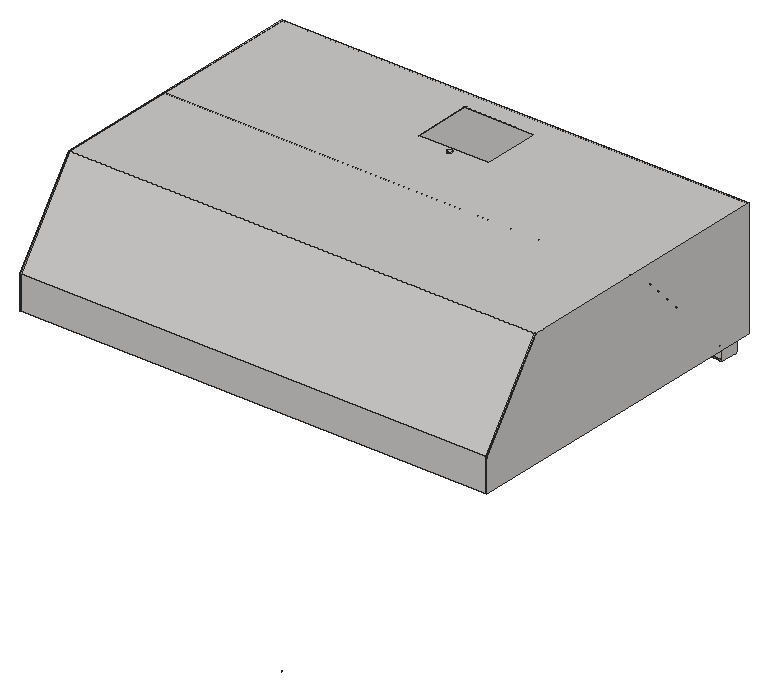
Revit family "QF_ELECTROLUXPROFESSIONAL_644243_ABPV1420DT", category Attrezzature speciali, Revit 2021
Family settings
  Quota connettore circolare = Usa diametro
  Tipo di parte = Normale
  Basato su piano di lavoro = No
  Sempre verticale = Sì
  Taglio con vuoti quando caricato = No
  Condiviso = No
  Punto di calcolo locali = No
Parameters (values of type "Standard")
  Weight = 73.00 kg
  Watts = 420 W
  Volts = 220 V
  URL Manufacturer = "https://www.electroluxprofessional.com/"
  URL = "https://www.electroluxprofessional.com/"
  Steam Supply Size = 0 mm
  Steam Supply Minimum Pressure = 0.0 Pa
  Steam Supply Maximum Pressure = 0.0 Pa
  Steam Consumption per Hour = 0
  Refrigeration Suction Line Size = 0 mm
  Refrigeration Liquid Line Size = 0 mm
  Refrigerant Compressor Remote = yes
  Prospetto di default = 0 mm
  Produttore = "Electrolux Professional"
  Phase = 1
  Modello = "ABPV1420DT"
  Length Actual = 2000 mm  # constant formula
  Item Number = "644243"
  Hot Water Size = 0 mm
  Height Actual = 500 mm  # constant formula
  HP = "0.6 HP"
  Gas Size = 0 mm
  Gas KW = 0
  Gas Input Pressure = 0 W
  Direct Waste Size = 0 mm
  Descrizione = "304 S/S WALL HOOD+FILTER+FAN 2000X1400MM"
  Depth Actual = 1400 mm  # constant formula
  Cycle = 50 Hz
  Condensate Return Size = 0 mm
  Compressed Air Volume = 0.0 L/s
  Compressed Air Size = 0 mm
  Compressed Air Pressure = 0.0 Pa
  Cold Water Size = 0 mm
  Accessory = yes
Reference planes
  plane 1: z = 0
  plane 2 "Center (Left/Right)": x = 150
  plane 3 "LEFT": x = -850
  plane 4 "RIGHT": x = 1150
  plane 5 "BACK": y = 550
  plane 6 "TOP": z = 2500
  plane 7 "Base": z = 2000
  plane 8: z = 1926
  plane 9 "DrainY": y = 485
  plane 10: x = -847
  plane 11: through (0, 414.509, 2000.8) normal (0, 0.7314, 0.682)
  plane 12: y = 470
  plane 13: y = 220
  plane 14 "DrainX": x = 1030
  plane 15: x = 0
  plane 16: x = 300
  plane 17: x = 1147
  plane 18: x = 940
  plane 19: x = 1120
  plane 20: x = -810
  plane 21: x = 1110
  plane 22: x = -47.5
  plane 23: x = 347.5
  plane 24: z = 2140.01
  plane 25: y = 200
  plane 26 "Center (Front/Back)": y = -150
  plane 27 "Front": y = -850
  plane 28: y = -590
Forms (mm)
  Extrusion 1, solid, material "QF_Finishes_Stainless Steel"
    sketch origin (-850, 0, 360) x (0, 1, 0) y (0, 0, 1)
      loop
        line (550, 1640) -> (550, 2140) -> (-590, 2140) -> (-850, 1780.01) -> (-850, 1640) -> (550, 1640)
    from 0 to 3
  Extrusion 2, solid, material "QF_Finishes_Stainless Steel"
    sketch origin (150, 0, 360) x (0, 1, 0) y (0, 0, 1)
      loop
        line (415.255, 1640) -> (550, 1640) -> (550, 2139.19) -> (549.2, 2139.19) -> (549.2, 1640.8) -> (415.876, 1640.8) -> (339.347, 1722.867) -> (349.609, 1732.436) -> (348.927, 1733.167) -> (337.934, 1722.917) -> (415.255, 1640)
      loop
        line (-82.203, 2139.19) -> (-82.203, 2118.6) -> (-31.047, 2118.6) -> (34.354, 2048.466) -> (46.028, 2059.352) -> (45.346, 2060.083) -> (34.403, 2049.879) -> (-30.612, 2119.6) -> (-81.203, 2119.6) -> (-81.203, 2139.19) -> (-82.203, 2139.19)
    from -997 to 997
  Extrusion 3, solid, material "QF_Finishes_Stainless Steel"
    sketch origin (1150, 0, 360) x (0, 1, 0) y (0, 0, 1)
      loop
        line (550, 1640) -> (550, 2140) -> (-590, 2140) -> (-850, 1780.01) -> (-850, 1640) -> (550, 1640)
    from 0 to -3
  Extrusion 4, solid, material "QF_Finishes_Stainless Steel"
    sketch origin (150, 0, 360) x (0, 1, 0) y (0, 0, 1)
      loop
        line (-850, 1780.01) -> (-850, 1640) -> (-849.2, 1640) -> (-849.2, 1779.751) -> (-589.598, 2139.19) -> (550, 2139.19) -> (550, 2140) -> (-590, 2140) -> (-850, 1780.01)
    from -1000 to 1000
  Extrusion 5, solid, material "QF_Finishes_Stainless Steel"
    sketch origin (150, 0, 360) x (0, 1, 0) y (0, 0, 1)
      loop
        line (534, 1640) -> (436, 1640) -> (436, 1627) -> (443.5, 1627) -> (443.5, 1576)
        arc (443.5, 1576) -> (446.429, 1568.929) -> (453.5, 1566) r 10
        line (453.5, 1566) -> (516.5, 1566)
        arc (516.5, 1566) -> (523.571, 1568.929) -> (526.5, 1576) r 10
        line (526.5, 1576) -> (526.5, 1627) -> (534, 1627) -> (534, 1640)
    from 790 to 970
  Extrusion 6, solid, material "QF_Finishes_Stainless Steel"
    sketch origin (0, 0, 2000) x (0, 1, 0) y (-1, 0, 0)
      loop
        circle (485, -1030) r 20
    from -76 to -74
  Extrusion 7, solid, material "QF_Finished_Chrome"
    sketch origin (150, 0, 360) x (0, 1, 0) y (0, 0, 1)
      loop
        line (337.934, 1722.917) -> (341.591, 1726.327) -> (38.011, 2051.876) -> (34.354, 2048.466) -> (337.934, 1722.917)
    from -197.5 to -960
  Extrusion 8, solid, material "QF_Finishes_Stainless Steel"
    sketch origin (150, 0, 360) x (0, 1, 0) y (0, 0, 1)
      loop
        line (337.934, 1722.917) -> (341.591, 1726.327) -> (38.011, 2051.876) -> (34.354, 2048.466) -> (337.934, 1722.917)
    from 997 to 960
  Extrusion 9, solid, material "QF_Finished_Chrome"
    sketch origin (150, 0, 360) x (0, 1, 0) y (0, 0, 1)
      loop
        line (341.588, 1726.324) -> (38.009, 2051.874) -> (34.354, 2048.466) -> (337.934, 1722.917) -> (341.588, 1726.324)
    from 197.5 to 960
  Extrusion 10, void
    sketch origin (0, 0, 2500) x (0, 1, 0) y (-1, 0, 0)
      loop
        line (470, -300) -> (470, 0) -> (220, 0) -> (220, -300) -> (470, -300)
    from 0 to -10
  Extrusion 11, solid, material "QF_Finishes_Stainless Steel"
    sketch origin (0, 0, 0) x (1, 0, 0) y (0, 1, 0)
      loop
        line (-850, 550) -> (-850, 549) -> (-849, 549) -> (-849, 550) -> (-850, 550)
    from 0 to 1
  Extrusion 12, solid, material "QF_Finishes_Stainless Steel"
    sketch origin (150, 0, 360) x (0, 1, 0) y (0, 0, 1)
      loop
        line (337.934, 1722.917) -> (341.591, 1726.327) -> (38.011, 2051.876) -> (34.354, 2048.466) -> (337.934, 1722.917)
    from -960 to -997
  Extrusion 13, solid, material "QF_Finishes_Stainless Steel"
    sketch origin (150, 0, 360) x (0, 1, 0) y (0, 0, 1)
      loop
        line (337.934, 1722.917) -> (341.591, 1726.327) -> (38.011, 2051.876) -> (34.354, 2048.466) -> (337.934, 1722.917)
    from 197.5 to -197.5
  Extrusion 14, solid, material "QF_Finishes_Stainless Steel"
    sketch origin (0, 0, 2500) x (0, 1, 0) y (-1, 0, 0)
      loop
        circle (200, -150) r 10
    from 0 to 1.6
Cuts and joins
  Extrusion 10 cuts Extrusion 4
  joined: Extrusion 2, Extrusion 4
Lines and regions (mm)
  reference lines
    curve 1: line (150, 34.354, 2408.466) -> (150, 34.354, 2248.466)
  symbolic lines, style "SpecialityEquipment", detail levels coarse
    curve 2: line (1150, 550, 2500) -> (-850, 550, 2500)
    curve 3: line (-850, 550, 2500) -> (-850, -850, 2500)
    curve 4: line (1150, -850, 2500) -> (1150, 550, 2500)
    curve 5: line (-850, -850, 2500) -> (1150, -850, 2500)
    curve 6: line (300, 220, 2500) -> (0, 220, 2500)
    curve 7: line (300, 470, 2500) -> (300, 220, 2500)
    curve 8: line (0, 470, 2500) -> (300, 470, 2500)
    curve 9: line (0, 220, 2500) -> (0, 470, 2500)
    curve 10: line (-850.423, -590, 0) -> (1150, -590, 0)
    curve 11: line (-850, 550, 0) -> (1150, -590, 0)
    curve 12: line (-850.423, -590, 0) -> (1150, 550, 0)
Dimensions and locks
  plane 3 "LEFT" to plane 4 "RIGHT" = 2000 mm
  equal spacing: plane 3 "LEFT", plane 2 "Center (Left/Right)", plane 4 "RIGHT"
  locked: plane 6 "TOP" to plane 7 "Base" at 500
  plane 7 "Base" to plane 8 = 74 mm
  plane 5 "BACK" to plane 9 "DrainY" = 65 mm  (x2)
  plane 3 "LEFT" to plane 10 = 3 mm
  plane 5 "BACK" to plane 12 = 80 mm
  plane 12 to plane 13 = 250 mm  (x2)
  plane 14 "DrainX" to plane 4 "RIGHT" = 120 mm
  plane 17 to plane 4 "RIGHT" = 3 mm
  locked: plane 18 to plane 14 "DrainX" at 90
  locked: plane 14 "DrainX" to plane 19 at 90
  plane 12 to plane 5 "BACK" = 80 mm
  locked: plane 3 "LEFT" to plane 20 at 40
  locked: plane 21 to plane 4 "RIGHT" at 40
  locked: plane 22 to plane 23 at 395
  equal spacing: plane 22, plane 2 "Center (Left/Right)", plane 23
  locked: plane 15 to plane 16 at 300
  equal spacing: plane 15, plane 2 "Center (Left/Right)", plane 16
  plane 7 "Base" to level = 2000 mm
  plane 24 to plane 7 "Base" = 140.01 mm
  plane 13 to plane 25 = 20 mm
  plane 5 "BACK" to plane 27 "Front" = 1400 mm  (x2)
  equal spacing: plane 5 "BACK", plane 26 "Center (Front/Back)", plane 27 "Front"
  plane 28 to plane 27 "Front" = 260 mm
  aligned and locked: level to plane 1
  aligned and locked: Extrusion 2 to Extrusion 1
  aligned and locked: Extrusion 2 to Extrusion 3
  aligned and locked: plane 4 "RIGHT" to Extrusion 4
  aligned and locked: Extrusion 4 to plane 3 "LEFT"
  aligned and locked: plane 17 to Extrusion 8
  aligned and locked: Extrusion 10 to plane 15
  aligned and locked: Extrusion 10 to plane 13
  aligned and locked: Extrusion 10 to plane 12
  aligned and locked: Extrusion 2 to Extrusion 4
  aligned and locked: plane 19 to Extrusion 5
  aligned and locked: Extrusion 5 to plane 18
  aligned and locked: Extrusion 8 to plane 21
  aligned and locked: Extrusion 9 to plane 21
  aligned and locked: Extrusion 7 to plane 20
  aligned and locked: Extrusion 12 to plane 10
  aligned and locked: plane 20 to Extrusion 12
  aligned and locked: Extrusion 3 to plane 17
  aligned and locked: Extrusion 10 to plane 16
  aligned and locked: plane 16 to curve 7
  aligned and locked: plane 23 to Extrusion 13
  aligned and locked: Extrusion 13 to plane 22
  aligned and locked: Extrusion 9 to plane 23
Automatic sketch dimensions
  curve 5 to plane 4 "RIGHT" = 0 mm
  curve 6 to plane 13 = 0 mm
  plane 12 to curve 8 = 0 mm
  curve 3 to plane 3 "LEFT" = 0 mm
  curve 3 to plane 5 "BACK" = 0 mm
  curve 6 to plane 15 = 0 mm
  Extrusion 2 sketch curve to plane 11 = 0 mm  (x3)
  Extrusion 2 sketch curve to plane 7 "Base" = 0 mm
  plane 11 to Extrusion 2 sketch curve = 0 mm
  Extrusion 2 sketch curve to plane 5 "BACK" = 0 mm
  Extrusion 2 sketch curve to Extrusion 2 sketch curve = 65.646 mm
  Extrusion 2 sketch curve to Extrusion 2 sketch curve = 0.682 mm  (x2)
  Extrusion 2 sketch curve to Extrusion 2 sketch curve = 10.261 mm
  plane 7 "Base" to Extrusion 2 sketch curve = 82.917 mm
  Extrusion 2 sketch curve to Extrusion 2 sketch curve = 10.942 mm
  Extrusion 2 sketch curve to Extrusion 2 sketch curve = 0.049 mm
  Extrusion 2 sketch curve to plane 6 "TOP" = 20.4 mm
  Extrusion 2 sketch curve to plane 6 "TOP" = 21.4 mm
  Extrusion 2 sketch curve to plane 6 "TOP" = 0.81 mm  (x2)
  Extrusion 2 sketch curve to Extrusion 2 sketch curve = 50.156 mm
  Extrusion 2 sketch curve to Extrusion 2 sketch curve = 1 mm
  plane 7 "Base" to Extrusion 2 sketch curve = 0.8 mm
  Extrusion 2 sketch curve to plane 5 "BACK" = 0.8 mm
  curve 1 to plane 11 = 0 mm
  Extrusion 5 sketch curve to plane 7 "Base" = 0 mm
  Extrusion 5 sketch curve to plane 8 = 0 mm
  Extrusion 5 sketch curve to plane 7 "Base" = 13 mm  (x2)
  plane 12 to Extrusion 5 sketch curve = 34 mm
  Extrusion 5 sketch curve to Extrusion 5 sketch curve = 7.5 mm  (x2)
  Extrusion 5 sketch curve to Extrusion 5 sketch curve = 10 mm
  plane 9 "DrainY" to Extrusion 5 sketch curve = 31.5 mm
  Extrusion 5 sketch curve to plane 5 "BACK" = 23.5 mm
  Extrusion 6 sketch curve to plane 9 "DrainY" = 0 mm
  Extrusion 6 sketch curve to plane 14 "DrainX" = 0 mm
  Extrusion 7 sketch curve to plane 11 = 0 mm  (x2)
  Extrusion 7 sketch curve to Extrusion 7 sketch curve = 3.657 mm
  plane 7 "Base" to Extrusion 7 sketch curve = 82.917 mm
  Extrusion 8 sketch curve to plane 11 = 0 mm  (x2)
  Extrusion 8 sketch curve to Extrusion 8 sketch curve = 3.657 mm
  plane 7 "Base" to Extrusion 8 sketch curve = 82.917 mm
  Extrusion 9 sketch curve to plane 11 = 0 mm  (x2)
  Extrusion 9 sketch curve to Extrusion 9 sketch curve = 3.655 mm
  plane 7 "Base" to Extrusion 9 sketch curve = 82.917 mm
  Extrusion 10 sketch curve to plane 13 = 0 mm
  plane 12 to Extrusion 10 sketch curve = 0 mm
  Extrusion 10 sketch curve to plane 16 = 0 mm
  Extrusion 10 sketch curve to plane 15 = 0 mm
  Extrusion 11 sketch curve to plane 3 "LEFT" = 0 mm
  Extrusion 11 sketch curve to plane 5 "BACK" = 0 mm
  plane 3 "LEFT" to Extrusion 11 sketch curve = 1 mm
  Extrusion 11 sketch curve to Extrusion 11 sketch curve = 1 mm
  Extrusion 12 sketch curve to plane 11 = 0 mm  (x2)
  Extrusion 12 sketch curve to Extrusion 12 sketch curve = 3.657 mm
  plane 7 "Base" to Extrusion 12 sketch curve = 82.917 mm
  Extrusion 13 sketch curve to plane 11 = 0 mm  (x2)
  Extrusion 13 sketch curve to Extrusion 13 sketch curve = 3.657 mm
  plane 7 "Base" to Extrusion 13 sketch curve = 82.917 mm
  Extrusion 4 sketch curve to plane 7 "Base" = 0 mm
  Extrusion 4 sketch curve to plane 6 "TOP" = 0 mm
  Extrusion 4 sketch curve to plane 5 "BACK" = 0 mm
  Extrusion 4 sketch curve to Extrusion 4 sketch curve = 0.8 mm
  plane 7 "Base" to Extrusion 4 sketch curve = 140.01 mm
  Extrusion 4 sketch curve to Extrusion 4 sketch curve = 0.81 mm
  Extrusion 4 sketch curve to Extrusion 4 sketch curve = 0.259 mm
  Extrusion 4 sketch curve to Extrusion 4 sketch curve = 0.402 mm
  Extrusion 3 sketch curve to plane 6 "TOP" = 0 mm
  Extrusion 3 sketch curve to plane 5 "BACK" = 0 mm
  Extrusion 3 sketch curve to plane 7 "Base" = 0 mm
  plane 7 "Base" to Extrusion 3 sketch curve = 140.01 mm
  Extrusion 1 sketch curve to plane 6 "TOP" = 0 mm
  Extrusion 1 sketch curve to plane 5 "BACK" = 0 mm
  Extrusion 1 sketch curve to plane 7 "Base" = 0 mm
  plane 7 "Base" to Extrusion 1 sketch curve = 140.01 mm
  curve 1 to curve 1 = 160 mm
  Extrusion 14 sketch curve to plane 2 "Center (Left/Right)" = 0 mm
  Extrusion 14 sketch curve to plane 25 = 0 mm
  Extrusion 1 sketch curve to Extrusion 1 sketch curve = 260 mm
  Extrusion 3 sketch curve to Extrusion 3 sketch curve = 260 mm
  Extrusion 4 sketch curve to Extrusion 4 sketch curve = 259.602 mm
  curve 5 to plane 25 = 1050 mm
  Extrusion 1 sketch curve to plane 25 = 790 mm
  Extrusion 2 sketch curve to plane 6 "TOP" = 91.534 mm
  Extrusion 3 sketch curve to plane 25 = 790 mm
  Extrusion 4 sketch curve to plane 25 = 789.598 mm
  plane 24 to curve 1 = 108.456 mm
  Extrusion 7 sketch curve to plane 6 "TOP" = 88.124 mm
  Extrusion 8 sketch curve to plane 6 "TOP" = 88.124 mm
  Extrusion 9 sketch curve to plane 6 "TOP" = 88.126 mm
  Extrusion 12 sketch curve to plane 6 "TOP" = 88.124 mm
  Extrusion 13 sketch curve to plane 6 "TOP" = 88.124 mm
  curve 11 to plane 3 "LEFT" = 0 mm
  curve 10 to plane 3 "LEFT" = 0.423 mm
  curve 12 to plane 4 "RIGHT" = 0 mm
  curve 10 to plane 4 "RIGHT" = 0 mm
  curve 12 to plane 5 "BACK" = 0 mm
  curve 11 to plane 5 "BACK" = 0 mm
  plane 27 "Front" to curve 11 = 260 mm
  radius of Extrusion 6 sketch curve = 20 mm
  radius of Extrusion 14 sketch curve = 10 mm
Connectors
  piping at (1030, 485, 1924), diameter 20
    settings: on Extrusion 6, index 1, connector inside diameter 609.6 mm, connector length 0 mm, flow factor 0, pipe flow 0.0 L/s, pressure drop 0.0 Pa, fitting loss kfactor 0, connector angle 0.00°, fixture units 0, engagement length 0 mm, angle of deflection 0.00°, flow configuration 1, flow direction 2, fitting loss method 0, system type 16, joint type 0, gender type 0, connector reference index -1, connector utility 0, adjustable connector no, is connector primary yes, connector description "Drain"
  hvac at (150, 345, 2500)
    settings: on Extrusion 10, index 2, duct flow 0.0 L/s, flow factor 0, pres drop 0.0 Pa, loss coef 0, conn angle 0.00°, conn width 250 mm, conn height 300 mm, conn diameter 609.6 mm, duct sys type 3, conn prof type 1, flow config 0, flow direction 2, loss method 0, conn ref index -1, conn util no, is conn primary yes, conn desc "EXHAUST OUTLET"
  electrical at (150, 200, 2501.6), driven by "Volts"
    settings: on Extrusion 14, index 3, voltage 220 V, apparent load 0 VA, apparent load phase1 0 VA, apparent load phase2 0 VA, apparent load phase3 0 VA, power factor 1, load classification "Other", number of poles 1, system type 30, power factor state 1, is connector primary yes, connector utility no, sub classification motor no, connector description "Electrical Connection"
